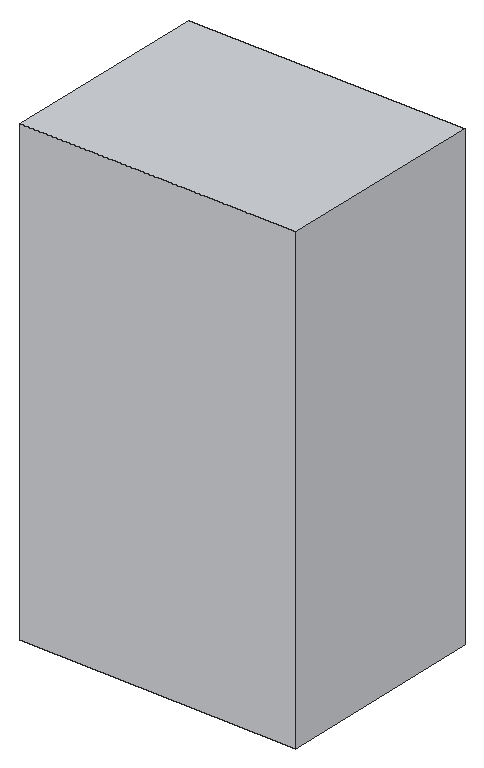
Revit family
Parameters
  Warranty Duration (Years) = 0
  Unit Width [instance] = 1' - 4 3/16"
  Unit Height [instance] = 1' - 10 3/16"
  Unit Depth = 0' - 0"
  URL = "http://www.americanspecialties.com/viewCategories.cfm"
  Trim Material = Glass
  Test Data = ""
  Specification = "http://www.arcat.com/sdspecs/htm/10810asi.htm"
  SpecWizard = ""
  Send Message = "http://www.arcat.com/users.pl?action=UserEmail&company=American%20Specialties,%20Inc.&coid=30448&rep=139&fax=914-476-0688&mf="
  Sales Information = "http://www.americanspecialties.com/contact"
  Revision = "R1_10-2010"
  Product Properties = "http://www.americanspecialties.com/datasheets/8339.pdf"
  Product Data = "http://www.arcat.com/arcatcos/cos30/arc30448.html"
  Model = "As Specified in 10 28 13"
  Manufacturer Website = "http://www.americanspecialties.com/viewCategories.cfm"
  Manufacturer Phone - Toll Free = ""
  Manufacturer Phone = "914-476-9000 "
  Manufacturer Fax = "914-476-0688"
  Manufacturer Address = "441 Saw Mill River Rd., Yonkers, NY 10701"
  Manufacturer = "American Specialties, Inc."
  Maintenance Schedule (Months) = 0
  Keynote = "10 28 13"
  Installation-Fabrication = "http://www.americanspecialties.com/products.cfm"
  Green Building-LEED = ""
  Expected Lifespan (Years) = 0
  Drawn By = "Robert S. Weygant. CSI, CDT, SCIP"  # constant formula
  Description = "Toilet Accessory as Specified in 10 28 13"
  Default Elevation = 4' - 0"
  Copyright = "©Arcat Inc."
  Construction Details = "http://www.arcat.com/green/clients/leed_data_30448.html"
  Building Codes = "http://www.americanspecialties.com/products.cfm"
  Body Material = Metal - Stainless Steel
  Assembly Code = "C1030210"
Reference planes (in)
  plane 1 "Center (Front/Back)": y = 0.39925
  plane 2 "Floor Line": z = 0
  plane 3 "Center (Left/Right)": x = -0.65843
  plane 4: z = 59.09375
  plane 5: x = -8.75218
  plane 6: x = 7.43532
  plane 7: z = 48
  plane 8: z = 70.1875
  plane 9: y = 11.493
  plane 10: y = -10.6945
  plane 11: z = 5
  plane 12: z = 5.5
  plane 13: z = 5.25
  plane 14: y = -3.6945
  plane 15: y = 4.493
Forms (in)
  Extrusion 1, solid
    sketch origin (-3, -9, -6) x (0, 0, -1) y (1, 0, 0)
      loop
        line (-82, 26) -> (-82, -19.34712) -> (-6, -19.34712) -> (-6, 26) -> (-82, 26)
    from 9 to -25.60721
  Extrusion 2, solid, material "Metal - Stainless Steel" <- "Body Material"
    sketch origin (0, 0, 0) x (1, 0, 0) y (0, 1, 0)
      loop
        line (-8.75218, 11.493) -> (-8.75218, -10.6945) -> (7.43532, -10.6945) -> (7.43532, 11.493) -> (-8.75218, 11.493)
      loop
        line (-8.25218, 10.993) -> (-8.25218, -10.1945) -> (6.93532, -10.1945) -> (6.93532, 10.993) -> (-8.25218, 10.993)
    from 5 to 5.5
  Extrusion 3, solid, material "Glass" <- "Trim Material"
    sketch origin (0, 0, 0) x (1, 0, 0) y (0, 1, 0)
      loop
        line (-8.25218, 10.993) -> (-8.25218, -10.1945) -> (6.93532, -10.1945) -> (6.93532, 10.993) -> (-8.25218, 10.993)
    from 5 to 5.25
  Extrusion 4, solid, material "Metal - Stainless Steel" <- "Body Material"
    sketch origin (0, 0, 0) x (1, 0, 0) y (0, 1, 0)
      loop
        line (-8.40843, 9.99306) -> (-8.40843, -9.1945) -> (7.09157, -9.1945) -> (7.09157, 9.99306) -> (-8.40843, 9.99306)
    from 0 to 5
  Extrusion 5, void
    sketch origin (0, 0, 0) x (1, 0, 0) y (0, 1, 0)
      loop
        line (-7.40843, 8.99306) -> (-7.40843, -8.1945) -> (6.09157, -8.1945) -> (6.09157, 8.99306) -> (-7.40843, 8.99306)
    from 0.13841 to 5
  Extrusion 6, solid, material "Metal - Stainless Steel" <- "Body Material"
    sketch origin (0, 0, 0) x (1, 0, 0) y (0, 1, 0)
      loop
        line (-7.40843, -3.44447) -> (-7.40843, -3.94447) -> (6.09157, -3.94447) -> (6.09157, -3.44447) -> (-7.40843, -3.44447)
    from 0.13841 to 5
  Extrusion 7, solid, material "Metal - Stainless Steel" <- "Body Material"
    sketch origin (0, 0.986, 0) x (1, 0, 0) y (0, 1, 0)
      loop
        line (-7.40843, 3.25697) -> (6.09157, 3.25697) -> (6.09157, 3.75697) -> (-7.40843, 3.75697) -> (-7.40843, 3.25697)
    from 0.13841 to 5
Cuts and joins
  Extrusion 5 cuts Extrusion 2
  Extrusion 5 cuts Extrusion 3
  Extrusion 5 cuts Extrusion 4
Dimensions and locks (in)
  equal spacing: plane 8, plane 4, plane 7
  equal spacing: plane 6, plane 3 "Center (Left/Right)", plane 5
  "Unit Width": plane 6 to plane 5
  "Unit Height": plane 8 to plane 7
  "Default Elevation": plane 7 to plane 2 "Floor Line"
  "Unit Height": plane 9 to plane 10
  equal spacing: plane 9, plane 1 "Center (Front/Back)", plane 10
  locked: Extrusion 2 sketch curve to Extrusion 2 sketch curve at 0.5  (x4)
  locked: plane 11 to level at 5
  plane 12 to plane 11 = 0' - 0 1/2"
  equal spacing: plane 12, plane 13, plane 11
  locked: plane 5 to Extrusion 4 sketch curve at 0.34375
  locked: Extrusion 4 sketch curve to plane 6 at 0.34375
  locked: Extrusion 4 sketch curve to plane 10 at 1.5
  locked: Extrusion 4 sketch curve to plane 9 at 1.49994
  locked: Extrusion 5 sketch curve to Extrusion 4 at 1  (x2)
  locked: Extrusion 4 to Extrusion 5 sketch curve at 1  (x2)
  locked: cut or joined group of Extrusion 4, Extrusion 5 to plane 2 "Floor Line" at 0.13841
  locked: plane 9 to plane 15 at 7
  locked: plane 14 to plane 10 at 7
  aligned and locked: Extrusion 1 to level
  aligned and locked: plane 5 to Extrusion 2 sketch curve
  aligned and locked: Extrusion 2 sketch curve to plane 9
  aligned and locked: plane 10 to Extrusion 2 sketch curve
  aligned and locked: Extrusion 2 sketch curve to plane 6
  aligned and locked: plane 12 to Extrusion 2
  aligned and locked: Extrusion 2 to plane 11
  aligned and locked: Extrusion 2 to Extrusion 3 sketch curve
  aligned and locked: Extrusion 3 sketch curve to Extrusion 2  (x3)
  aligned and locked: Extrusion 3 to plane 11
  aligned and locked: plane 13 to Extrusion 3
  aligned and locked: plane 11 to Extrusion 4
  aligned and locked: Extrusion 4 to plane 2 "Floor Line"
  aligned and locked: Extrusion 5 to Extrusion 2
  aligned and locked: Extrusion 6 to cut or joined group of Extrusion 4, Extrusion 5
  aligned and locked: plane 11 to Extrusion 6
Automatic sketch dimensions
  Extrusion 1 sketch curve to Extrusion 1 sketch curve = 6' - 4"
  Extrusion 1 sketch curve to Extrusion 1 sketch curve = 3' - 9.34712"
  Extrusion 6 sketch curve to plane 14 = 0' - 0.24997"
  plane 5 to Extrusion 6 sketch curve = 0' - 1 11/32"
  Extrusion 6 sketch curve to plane 6 = 0' - 1 11/32"
  plane 14 to Extrusion 6 sketch curve = 0' - 0.25003"
  plane 15 to Extrusion 7 sketch curve = 0' - 0.24997"
  Extrusion 7 sketch curve to plane 5 = 0' - 1 11/32"
  plane 6 to Extrusion 7 sketch curve = 0' - 1 11/32"
  Extrusion 7 sketch curve to plane 15 = 0' - 0.25003"
